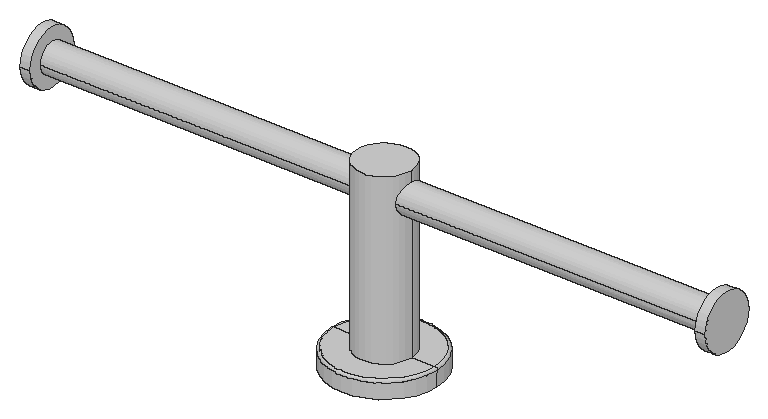
Revit family "LIANO II DOUBLE TOILET ROLL HOLDER", category Specialty Equipment, host Face, Revit 2020
Family settings
  Host = Face
  Round Connector Dimension = Use Radius
  Part Type = Normal
  OmniClass Number = 23.40.20.21.21
  OmniClass Title = Toilet Paper Dispensers
  Cut with Voids When Loaded = No
  Shared = No
  Room Calculation Point = No
Parameters (values of type "LIANO II DOUBLE TOILET ROLL HOLDER - CHROME")
  URL = "https://www.caroma.com.au/"
  Model = "96442C"
  Material_Base = GWA_Metal-Chrome
  Manufacturer = "GWA Bathrooms & Kitchens"  # constant formula
  Description = "LIANO II DOUBLE TOILET ROLL HOLDER - CHROME"
  Default Elevation = 1000.00 mm
  CreatedBy_ANZRS = "GWA Bathrooms & Kitchens"  # constant formula
  Assembly Code = "C1030220"
Types (6, lengths in mm): name | Model | Material_Base | Description
  LIANO II DOUBLE TOILET ROLL HOLDER - CHROME | "96442C" | GWA_Metal-Chrome | "LIANO II DOUBLE TOILET ROLL HOLDER - CHROME"
  LIANO II DOUBLE TOILET ROLL HOLDER - MATTE BLACK | "96442B" | GWA-Metal-Black | "LIANO II DOUBLE TOILET ROLL HOLDER - MATTE BLACK"
  LIANO II DOUBLE TOILET ROLL HOLDER - BRUSHED NICKEL | "96442BN" | GWA_Metal-Brushed-Nickel | "LIANO II DOUBLE TOILET ROLL HOLDER - BRUSHED NICKEL"
  LIANO II DOUBLE TOILET ROLL HOLDER - BRUSHED BRASS | "96442BB" | GWA_Metal-Brushed-Brass | "LIANO II DOUBLE TOILET ROLL HOLDER - BRUSHED BRASS"
  LIANO II DOUBLE TOILET ROLL HOLDER - GUNMETAL | "96442GM" | GWA-Metal-Gunmetal Grey | "LIANO II DOUBLE TOILET ROLL HOLDER - GUNMETAL"
  LIANO II DOUBLE TOILET ROLL HOLDER - BRUSHED BRONZE | "96442BBZ" | GWA_Metal-Brushed-Bronze | "LIANO II DOUBLE TOILET ROLL HOLDER - BRUSHED BRONZE"
Reference planes
  plane 1 "Center (Front/Back)": y = 0
  plane 2: z = 0
  plane 3 "Center (Left/Right)": x = 0
Forms (mm)
  Revolve 1, solid, material "GWA_Metal-Chrome" <- "Material_Base"
    sketch origin (0, 0, 0) x (1, 0, 0) y (0, 0, 1)
      loop
        line (0, 7) -> (0, 0) -> (21.5, 0) -> (21.5, 6)
        arc (21.5, 6) -> (21.207, 6.707) -> (20.5, 7) r 1
        line (20.5, 7) -> (0, 7)
      axis (0, 0) -> (0, 7)
    angle from 0 to 360
  Extrusion 2, solid, material "GWA_Metal-Chrome" <- "Material_Base"
    sketch origin (0, 0, 0) x (1, 0, 0) y (0, 1, 0)
      loop
        circle (0, 0) r 11
    from 0 to 75
  Extrusion 3, solid, material "GWA_Metal-Chrome" <- "Material_Base"
    sketch origin (0, 0, 0) x (0, 1, 0) y (0, 0, 1)
      loop
        circle (0, 65) r 6
    from -135 to 135
  Extrusion 4, solid, material "GWA_Metal-Chrome" <- "Material_Base"
    sketch origin (0, 0, 0) x (0, 1, 0) y (0, 0, 1)
      loop
        circle (0, 65) r 11
    from 135 to 139
  Extrusion 5, solid, material "GWA_Metal-Chrome" <- "Material_Base"
    sketch origin (0, 0, 0) x (0, 1, 0) y (0, 0, -1)
      loop
        circle (0, -65) r 11
    from 135 to 139
Cuts and joins
  joined: Revolve 1, Extrusion 2, Extrusion 3, Extrusion 4, Extrusion 5
Lines and regions (mm)
  Masking region 1
    outline origin (125, 0, 0) x (1, 0, 0) y (0, 1, 0)
      loop
        line (10, 6) -> (-104.354, 6)
        arc (-104.354, 6) -> (-125, 21.5) -> (-145.646, 6) r 21.5
        line (-145.646, 6) -> (-260, 6) -> (-260, 11) -> (-264, 11) -> (-264, -11) -> (-260, -11) -> (-260, -6) -> (-145.646, -6)
        arc (-145.646, -6) -> (-125, -21.5) -> (-104.354, -6) r 21.5
        line (-104.354, -6) -> (10, -6) -> (10, -11) -> (14, -11) -> (14, 11) -> (10, 11) -> (10, 6)
  Masking region 2
    outline origin (125, 0, 0) x (1, 0, 0) y (0, 0, 1)
      loop
        line (-136, 7) -> (-145.5, 7)
        arc (-145.5, 7) -> (-146.207, 6.707) -> (-146.5, 6) r 1
        line (-146.5, 6) -> (-146.5, 0) -> (-103.5, 0) -> (-103.5, 6)
        arc (-103.5, 6) -> (-103.793, 6.707) -> (-104.5, 7) r 1
        line (-104.5, 7) -> (-114, 7) -> (-114, 59) -> (10, 59) -> (10, 54) -> (14, 54) -> (14, 76) -> (10, 76) -> (10, 71) -> (-114, 71) -> (-114, 75) -> (-136, 75) -> (-136, 71) -> (-260, 71) -> (-260, 76) -> (-264, 76) -> (-264, 54) -> (-260, 54) -> (-260, 59) -> (-136, 59) -> (-136, 7)
  Masking region 3
    outline origin (300, 0, 0) x (0, 1, 0) y (0, 0, 1)
      loop
        line (11, 7) -> (11, 75) -> (4.583, 75)
        arc (4.583, 75) -> (0, 76) -> (-4.583, 75) r 11
        line (-4.583, 75) -> (-11, 75) -> (-11, 7) -> (-20.5, 7)
        arc (-20.5, 7) -> (-21.207, 6.707) -> (-21.5, 6) r 1
        line (-21.5, 6) -> (-21.5, 0) -> (21.5, 0) -> (21.5, 6)
        arc (21.5, 6) -> (21.207, 6.707) -> (20.5, 7) r 1
        line (20.5, 7) -> (11, 7)
  symbolic lines
    curve 1: arc (20.646, 6, 0) -> (0, 21.5, 0) -> (-20.646, 6, 0) r 21.5
    curve 2: circle (0, 0, 0) r 11 normal (0, 0, 1)
    curve 3: line (135, 6, 0) -> (9.22, 6, 0)
    curve 4: line (135, -6, 0) -> (9.22, -6, 0)
    curve 5: line (129, 0, 59) -> (11, 0, 59)
    curve 6: line (129, 0, 71) -> (11, 0, 71)
    curve 7: line (-21.5, 0, 0) -> (-21.5, 0, 6)
    curve 8: line (-20.5, 0, 7) -> (20.5, 0, 7)
    curve 9: line (21.5, 0, 0) -> (21.5, 0, 6)
    curve 10: line (21.5, 0, 0) -> (-21.5, 0, 0)
    curve 11: line (-11, 0, 75) -> (11, 0, 75)
    curve 12: line (11, 0, 75) -> (11, 0, 71)
    curve 13: line (-11, 0, 75) -> (-11, 0, 71)
    curve 14: arc (-21.5, 0, 6) -> (-21.207, 0, 6.707) -> (-20.5, 0, 7) r 1
    curve 15: arc (20.5, 0, 7) -> (21.207, 0, 6.707) -> (21.5, 0, 6) r 1
    curve 16: arc (11, 0, 71) -> (9.22, 0, 65) -> (11, 0, 59) r 11
    curve 17: line (11, 0, 59) -> (11, 0, 7)
    curve 18: line (300, -21.5, 0) -> (300, 21.5, 0)
    curve 19: line (300, 21.5, 0) -> (300, 21.5, 6)
    curve 20: line (300, 20.5, 7) -> (300, -20.5, 7)
    curve 21: line (300, -21.5, 6) -> (300, -21.5, 0)
    curve 22: line (300, 11, 75) -> (300, 11, 7)
    curve 23: line (300, -11, 75) -> (300, -11, 7)
    curve 24: arc (300, -21.5, 6) -> (300, -21.207, 6.707) -> (300, -20.5, 7) r 1
    curve 25: arc (300, 20.5, 7) -> (300, 21.207, 6.707) -> (300, 21.5, 6) r 1
    curve 26: line (135, 11, 0) -> (139, 11, 0)
    curve 27: line (135, -11, 0) -> (135, 11, 0)
    curve 28: line (139, -11, 0) -> (135, -11, 0)
    curve 29: line (139, 11, 0) -> (139, -11, 0)
    curve 30: line (139, 0, 76) -> (135, 0, 76)
    curve 31: line (139, 0, 54) -> (139, 0, 76)
    curve 32: line (135, 0, 54) -> (139, 0, 54)
    curve 33: line (135, 0, 76) -> (135, 0, 54)
    curve 34: circle (300, 0, 65) r 11 normal (1, 0, 0)
    curve 35: line (300, -11, 75) -> (300, -4.583, 75)
    curve 36: line (300, 11, 75) -> (300, 4.583, 75)
    curve 37: line (-135, 11, 0) -> (-139, 11, 0)
    curve 38: line (-135, -11, 0) -> (-135, 11, 0)
    curve 39: line (-139, -11, 0) -> (-135, -11, 0)
    curve 40: line (-139, 11, 0) -> (-139, -11, 0)
    curve 41: line (-139, 0, 76) -> (-135, 0, 76)
    curve 42: line (-139, 0, 54) -> (-139, 0, 76)
    curve 43: line (-135, 0, 54) -> (-139, 0, 54)
    curve 44: line (-135, 0, 76) -> (-135, 0, 54)
    curve 45: line (-129, 0, 59) -> (-11, 0, 59)
    curve 46: line (-129, 0, 71) -> (-11, 0, 71)
    curve 47: arc (-11, 0, 71) -> (-9.22, 0, 65) -> (-11, 0, 59) r 11
    curve 48: line (-11, 0, 59) -> (-11, 0, 7)
    curve 49: line (-135, 6, 0) -> (-9.22, 6, 0)
    curve 50: line (-135, -6, 0) -> (-9.22, -6, 0)
    curve 51: arc (-20.646, -6, 0) -> (0, -21.5, 0) -> (20.646, -6, 0) r 21.5
Dimensions and locks
  aligned and locked: plane 2 to host face
  aligned and locked: level to host face
